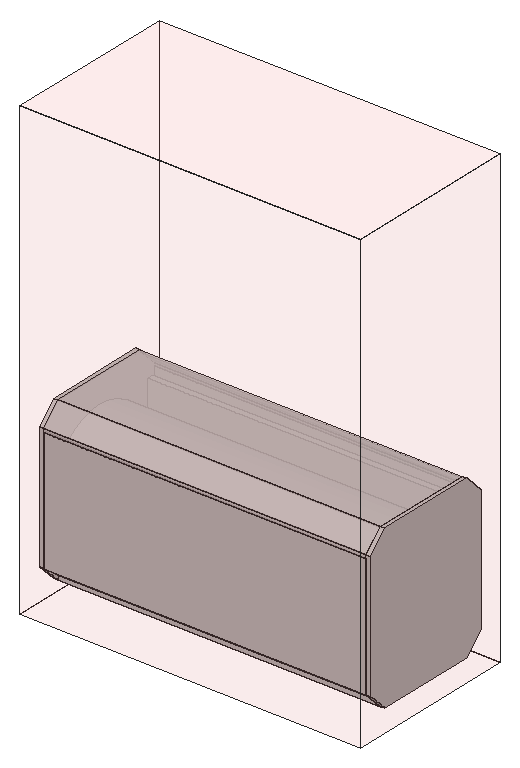
Revit family "Air-Curtain_Insect-Control_PoweredAire_BCE-BCT", category Mechanical Equipment, host Face, Revit 2019
Family settings
  Host = Face
  Round Connector Dimension = Use Diameter
  Part Type = Normal
  OmniClass Number = 23.75.35.17.21
  OmniClass Title = Air Curtains
  Cut with Voids When Loaded = No
  Shared = No
  Room Calculation Point = No
Parameters
  Warranty Duration (Years) = 0
  Unit Width Notes = "Other Widths available."  # constant formula
  Unit Width = 3' - 0"
  Unit Weight = 0
  Unit Height = 1' - 3"
  Unit Depth = 1' - 5 1/2"
  URL = "http://www.poweredaire.com/"
  Test Data = ""
  Standards Conformance = "as Specified"
  Specification = "http://www.arcat.com/sdspecs/htm04/23_34_33pai.htm"
  SpecWizard = ""
  Sound Pressure = "as Specified"
  Sales Information = "http://www.poweredaire.com/contact_us"
  Revision = "R1_2016-08"
  Projection from Host [instance] = 0' - 2"
  Product Properties = ""
  Product Data = "http://www.arcat.com/arcatcos/cos47/arc47623.html"
  Power Rating = 0 W
  Nozzle Width = if(1 = 1, Unit Width - 0' 1", 0' 0")  # 2' - 11"
  Mounting Width = if(1 = 1, Unit Width - 0' 0 15/16", 0' 0")  # 2' - 11 1/16"
  Mounting Height [instance] = 3' - 6"
  Motor RPM = 0
  Motor HP = 0
  Motor Count = 0
  Model = "As Specified"
  Max Height = 0' - 0"
  Manufacturer Website = "http://www.poweredaire.com/"
  Manufacturer Phone - Toll Free = "888-321-2473"
  Manufacturer Phone = "724-588-3305"
  Manufacturer Fax = "724-588-3371"
  Manufacturer Address = "109 Mortensen Rd.  Greenville, PA 16125"
  Manufacturer = "Powered Aire, Inc"
  Maintenance Schedule (Months) = 0
  Keynote = "23 34 33"
  Installation-Fabrication = ""
  Installation Phase = ""
  Include Clearance [instance] = yes
  Heating Element Load = 0 W
  HVAC_Temperature Rise = 0 °F
  HVAC_Outlet Volume = 0 CFM
  HVAC_Outlet Velocity Uniformity = 0
  HVAC_Outlet Velocity = 0 FPM
  Green Building-LEED = "http://www.arcat.com/green/clients/leed_data_47623.html"
  Front Grating Material [instance] = Metal - Steel - PoweredAire - Stainless 304 Perforated
  Frame Finish [instance] = Metal - Steel - PoweredAire - Stainless 304
  Expected Lifespan (Years) = 0
  Electrical_Wattage [instance] = Power Rating + Heating Element Load  # 0 W
  Electrical_Voltage [instance] = 0 V
  Electrical_Phase [instance] = 1
  Electrical_Frequency [instance] = 0 Hz
  Electrical_Amperage [instance] = 0 A
  Drawn By = "Sumex Design, Inc. / Robert S. Weygant, CSI, CDT, SCIP"
  Description = "Powered Aire Air Curtain as Specified"
  Default Elevation = 0' - 0"  # constant formula
  Copyright = "©Arcat Inc."
  Construction Details = "http://www.arcat.com/details/powair/prod3336.html"
  Clearance_Top [instance] = 0' - 2"
  Clearance_Side B [instance] = 0' - 0 1/2"
  Clearance_Side A [instance] = 0' - 0 1/2"
  Clearance_Intake [instance] = 2' - 6"
  Clearance_Bottom [instance] = 0' - 2"
  Clearance Material [instance] = ARCAT Clearance
  Building Codes = ""
  Available Options [instance] = "as Specified"
  Assembly Code = "D3090400"
Reference planes (in)
  plane 1 "Center (Elevation)": y = 0.13818
  plane 2: z = 0
  plane 3 "Center (Left/Right)": x = 0
  plane 4: y = 7.63818
  plane 5: y = -7.36182
  plane 6: x = -18
  plane 7: x = 18
  plane 8: z = 19.5
  plane 9 "FF": y = -41.86182
  plane 10: z = 2
  plane 11: x = 17.5
  plane 12: x = -17.5
  plane 13: y = 9.63818
  plane 14: y = -9.36182
  plane 15: x = -18.5
  plane 16: x = 18.5
  plane 17: z = 49.5
Forms (in)
  Extrusion 1, solid, material "Metal - Steel - PoweredAire - Stainless 304" <- "Frame Finish"
    sketch origin (0, 0, 0) x (0, 1, 0) y (0, 0, 1)
      loop
        line (5.69363, 2) -> (7.63818, 3.94454) -> (7.63818, 17.55546) -> (5.69363, 19.5) -> (-5.41728, 19.5) -> (-7.36182, 17.55546) -> (-7.36182, 3.94454) -> (-5.41728, 2) -> (5.69363, 2)
    from 17.5 to 18
  Extrusion 2, solid, material "Metal - Steel - PoweredAire - Stainless 304" <- "Frame Finish"
    sketch origin (0, 0, -0.5) x (0, 1, 0) y (0, 0, 1)
      loop
        circle (0.13818, 10.9739) r 6.25
      loop
        line (6.63818, 16.89427) -> (6.63818, 5.87829) -> (7.33849, 5.87829) -> (7.33849, 16.89427) -> (6.63818, 16.89427)
      loop
        line (-7.02798, 16.76927) -> (-7.02798, 5.75329) -> (-6.36182, 5.75329) -> (-6.36182, 16.76927) -> (-7.02798, 16.76927)
    from -17.5 to 17.5
  Extrusion 3, solid, material "Metal - Steel - PoweredAire - Stainless 304" <- "Frame Finish"
    sketch origin (0, 0, 0) x (0, 1, 0) y (0, 0, -1)
      loop
        line (5.69363, -2) -> (-5.41728, -2) -> (-7.36182, -3.94454) -> (-7.36182, -17.55546) -> (-5.41728, -19.5) -> (5.69363, -19.5) -> (7.63818, -17.55546) -> (7.63818, -3.94454) -> (5.69363, -2)
    from 17.5 to 18
  Extrusion 4, solid, material "Metal - Steel - PoweredAire - Stainless 304" <- "Frame Finish"
    sketch origin (0, 0, 0) x (0, 1, 0) y (0, 0, 1)
      loop
        line (-5.41728, 2) -> (5.69363, 2) -> (7.63818, 3.94454) -> (7.63818, 17.19454) -> (7.51318, 17.19454) -> (7.51318, 3.99632) -> (5.64186, 2.125) -> (-5.29228, 2.125) -> (-5.29228, 4.06954) -> (-7.23682, 4.06954) -> (-7.23682, 17.19454) -> (-7.36182, 17.19454) -> (-7.36182, 3.94454) -> (-5.41728, 3.94454) -> (-5.41728, 2)
      loop
        line (-6.64819, 3.61034) -> (-5.8702, 2.83235) -> (-5.74472, 2.95783) -> (-6.52271, 3.73583) -> (-6.64819, 3.61034)
    from -17.5 to 17.5
  Extrusion 5, solid, material "Metal - Steel - PoweredAire - Stainless 304 Perforated" <- "Front Grating Material"
    sketch origin (0, 0, 0) x (0, 1, 0) y (0, 0, 1)
      loop
        line (-7.36182, 17.19454) -> (-7.23682, 17.19454) -> (-7.23682, 17.50368) -> (-5.3655, 19.375) -> (5.64186, 19.375) -> (7.51318, 17.50368) -> (7.51318, 17.19454) -> (7.63818, 17.19454) -> (7.63818, 17.55546) -> (5.69363, 19.5) -> (-5.41728, 19.5) -> (-7.36182, 17.55546) -> (-7.36182, 17.19454)
    from -17.5 to 17.5
  Extrusion 6, solid, material "ARCAT Clearance" <- "Clearance Material", visible <- "Include Clearance"
    sketch origin (0, 0, 0) x (0, 1, 0) y (0, 0, 1)
      loop
        line (-9.36182, 49.5) -> (-9.36182, 0) -> (9.63818, 0) -> (9.63818, 49.5) -> (-9.36182, 49.5)
    from -18.5 to 18.5
Dimensions and locks (in)
  equal spacing: plane 4, plane 1 "Center (Elevation)", plane 5
  "Unit Height": plane 4 to plane 5
  equal spacing: plane 6, plane 3 "Center (Left/Right)", plane 7
  "Unit Width": plane 6 to plane 7
  "Mounting Height": plane 1 "Center (Elevation)" to plane 9 "FF"
  "Projection from Host": plane 10 to level
  "Unit Depth": plane 8 to plane 10
  locked: plane 6 to plane 12 at 0.5
  locked: plane 11 to plane 7 at 0.5
  "Clearance_Side A": plane 7 to plane 16
  "Clearance_Side B": plane 15 to plane 6
  "Clearance_Top": plane 13 to plane 4
  "Clearance_Bottom": plane 5 to plane 14
  "Clearance_Intake": plane 17 to plane 8
  aligned and locked: plane 2 to host face
  aligned and locked: level to host face
  aligned and locked: plane 7 to Extrusion 1
  aligned and locked: Extrusion 1 to plane 11
  aligned and locked: plane 12 to Extrusion 3
  aligned and locked: Extrusion 3 to plane 6
  aligned and locked: Extrusion 2 to plane 12
  aligned and locked: plane 11 to Extrusion 2
  aligned and locked: plane 11 to Extrusion 4
  aligned and locked: Extrusion 4 to plane 12
  aligned and locked: plane 11 to Extrusion 5
  aligned and locked: Extrusion 5 to plane 12
  aligned and locked: Extrusion 6 sketch curve to plane 17
  aligned and locked: plane 14 to Extrusion 6 sketch curve
  aligned and locked: level to Extrusion 6 sketch curve
  aligned and locked: Extrusion 6 sketch curve to plane 13
  aligned and locked: plane 16 to Extrusion 6
  aligned and locked: Extrusion 6 to plane 15
Automatic sketch dimensions
  host sketch curve to host sketch curve = 8' - 0"  (x2)
  Extrusion 1 sketch curve to plane 5 = 0' - 0"
  Extrusion 1 sketch curve to plane 8 = 0' - 0"
  Extrusion 1 sketch curve to plane 10 = 0' - 0"
  Extrusion 1 sketch curve to plane 4 = 0' - 0"
  plane 5 to Extrusion 1 sketch curve = 0' - 1.94454"  (x2)
  Extrusion 1 sketch curve to plane 4 = 0' - 1.94454"  (x2)
  plane 10 to Extrusion 1 sketch curve = 0' - 1.94454"  (x2)
  Extrusion 1 sketch curve to plane 8 = 0' - 1.94454"  (x2)
  Extrusion 2 sketch curve to plane 1 "Center (Elevation)" = 0' - 0"
  plane 5 to Extrusion 2 sketch curve = 0' - 1"
  plane 5 to Extrusion 2 sketch curve = 0' - 0.33384"
  Extrusion 2 sketch curve to plane 4 = 0' - 1"
  Extrusion 2 sketch curve to plane 4 = 0' - 0.29969"
  plane 10 to Extrusion 2 sketch curve = 0' - 3.37829"
  plane 10 to Extrusion 2 sketch curve = 0' - 3.25329"
  Extrusion 2 sketch curve to plane 8 = 0' - 9.0261"
  Extrusion 2 sketch curve to plane 8 = 0' - 3.23073"
  Extrusion 2 sketch curve to plane 8 = 0' - 3.10573"
  Extrusion 3 sketch curve to plane 5 = 0' - 0"
  Extrusion 3 sketch curve to plane 8 = 0' - 0"
  Extrusion 3 sketch curve to plane 10 = 0' - 0"
  Extrusion 3 sketch curve to plane 4 = 0' - 0"
  plane 5 to Extrusion 3 sketch curve = 0' - 1.94454"  (x2)
  Extrusion 3 sketch curve to plane 4 = 0' - 1.94454"  (x2)
  Extrusion 3 sketch curve to plane 8 = 0' - 1.94454"  (x2)
  plane 10 to Extrusion 3 sketch curve = 0' - 1.94454"  (x2)
  Extrusion 4 sketch curve to plane 5 = 0' - 0"
  Extrusion 4 sketch curve to plane 10 = 0' - 0"
  Extrusion 4 sketch curve to plane 4 = 0' - 0"
  plane 5 to Extrusion 4 sketch curve = 0' - 0 1/8"
  plane 5 to Extrusion 4 sketch curve = 0' - 0.71363"
  Extrusion 4 sketch curve to Extrusion 4 sketch curve = 0' - 0.12548"  (x2)
  Extrusion 4 sketch curve to Extrusion 4 sketch curve = 0' - 0.778"
  Extrusion 4 sketch curve to Extrusion 4 sketch curve = 0' - 0.32744"
  Extrusion 4 sketch curve to Extrusion 4 sketch curve = 0' - 0 1/8"  (x2)
  plane 10 to Extrusion 4 sketch curve = 0' - 0 1/8"
  Extrusion 4 sketch curve to plane 4 = 0' - 1.99632"
  Extrusion 4 sketch curve to Extrusion 4 sketch curve = 0' - 0.05178"  (x2)
  plane 10 to Extrusion 4 sketch curve = 0' - 0.83235"
  plane 10 to Extrusion 4 sketch curve = 0' - 1.94454"
  Extrusion 4 sketch curve to Extrusion 4 sketch curve = 0' - 0.3342"
  Extrusion 4 sketch curve to plane 4 = 0' - 0 1/8"
  Extrusion 4 sketch curve to plane 8 = 0' - 2.30546"  (x2)
  Extrusion 5 sketch curve to plane 5 = 0' - 0"
  Extrusion 5 sketch curve to plane 8 = 0' - 0"
  Extrusion 5 sketch curve to plane 4 = 0' - 0"
  plane 5 to Extrusion 5 sketch curve = 0' - 0 1/8"
  plane 5 to Extrusion 5 sketch curve = 0' - 1.94454"
  Extrusion 5 sketch curve to plane 8 = 0' - 0 1/8"
  Extrusion 5 sketch curve to Extrusion 5 sketch curve = 0' - 0.05178"  (x4)
  Extrusion 5 sketch curve to plane 4 = 0' - 1.99632"
  Extrusion 5 sketch curve to plane 8 = 0' - 1.94454"  (x2)
  Extrusion 5 sketch curve to Extrusion 5 sketch curve = 0' - 0 1/8"
  Extrusion 5 sketch curve to Extrusion 5 sketch curve = 0' - 0.30914"  (x2)
  radius of Extrusion 2 sketch curve = 0' - 6 1/4"
Connectors (in)
  electrical at (0, 7.63818, 10.56954), driven by "Electrical_Phase", driven by "Electrical_Voltage"
    settings: on Extrusion 4, index 1, voltage 0 V, apparent load 0 VA, apparent load phase1 0 VA, apparent load phase2 0 VA, apparent load phase3 0 VA, power factor 1, load classification "Motor", number of poles 1, system type 31, power factor state 1, is connector primary yes, connector utility no, sub classification motor no, connector description ""
